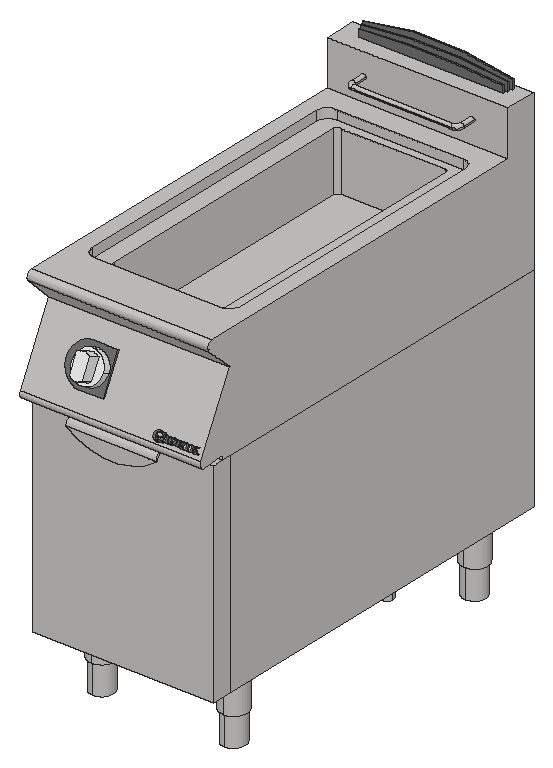
Revit family "QF_GIORIK_FG9421MP", category Specialty Equipment, Revit 2014
Parameters (values of type "FG9421MP")
  Weight in Pounds = 171.9604
  Watts = 200 W
  Volts = 230 V
  URL Cutsheet = "www.giorik.com"
  URL = "www.giorik.com"
  Status [instance] = ""
  Specification by User [instance] = ""
  Specification by Manufacturer = ""
  Show Logo [instance] = yes
  Show Clearance [instance] = yes
  Serial Number = ""
  Seismic Rating = ""
  SMACNA No = ""
  Revision Code [instance] = ""
  Phase = 1
  Number of Poles [instance] = 1
  NAFEM Spec ID Number = ""
  Model = "FG9421MP"
  Min Ckt Ampacity = 0 A
  Mechanical Remarks [instance] = "Natural Gas"
  Mechanical Connection Type [instance] = ""
  Max Overcurrent Protection = 0 A
  Masterspec = ""
  Manufacturer = "GIORIK"
  Item Number [instance] = ""
  Installed By [instance] = ""
  Identify Quantity as Lot [instance] = no
  HP = "0.268204000000"
  Gas Size = 1"
  Gas RI Height [instance] = 0 mm
  Gas KW = 20
  Gas Input = 20000 W
  Gas Connection Height [instance] = 150 mm
  Furnished By [instance] = ""
  Foodservice Equipment Identifier [instance] = yes
  FL Amps = 0 A
  Electrical Remarks [instance] = ""
  Electric Connection Type [instance] = ""
  Elec Conn RI Height [instance] = 0 mm
  Elec Conn Connection Height [instance] = 0 mm
  Description = "21 LITRE MELTING GAS FRYER."
  Cycle = 50 Hz
  Conn Plug = ""
  Conn Conduit [instance] = no
  CSI MasterFormat = ""
  Assembly Code = "E1090320"
  Apparent Power = 200 VA
Reference planes
  plane 1 "Back": y = 0
  plane 2: z = 0
  plane 3 "Left": x = 0
  plane 4 "Right": x = 400
  plane 5 "Front": y = -920
  plane 6 "Top": z = 900
Forms (mm)
  Extrusion 1, solid, visible <- "Show Logo"
    sketch origin (196.604, -936.761, 609.486) x (-1, 0, 0) y (0, 0.452718, 0.891654)
      loop
        line (-118.824, 58.358) -> (-127.804, 58.358) -> (-125.523, 56.445) -> (-125.523, 48.027) -> (-127.804, 46.113) -> (-118.824, 46.113) -> (-121.105, 48.027) -> (-121.105, 56.445) -> (-118.824, 58.358)
      loop
        line (-163.721, 58.358) -> (-172.7, 58.358) -> (-170.42, 56.445) -> (-170.42, 48.027) -> (-172.7, 46.113) -> (-163.721, 46.113) -> (-166.001, 48.027) -> (-166.001, 56.445) -> (-163.721, 58.358)
      loop
        line (-174.332, 58.358) -> (-183.312, 58.358) -> (-181.031, 56.445) -> (-181.031, 52.435) -> (-186.419, 56.955) -> (-184.416, 58.358) -> (-191.268, 58.358) -> (-188.01, 56.839) -> (-185.455, 54.283) -> (-190.846, 47.858) -> (-193.396, 46.93) -> (-193.396, 46.113) -> (-184.416, 46.113) -> (-185.437, 47.571) -> (-182.443, 51.552) -> (-181.031, 50.894) -> (-181.031, 48.027) -> (-183.312, 46.113) -> (-174.332, 46.113) -> (-176.613, 48.027) -> (-176.613, 56.445) -> (-174.332, 58.358)
      loop
        line (-115.429, 62.063) -> (-115.429, 54.198)
        arc (-115.429, 54.198) -> (-111.618, 57.803) -> (-106.847, 59.986) r 16.039
        arc (-106.847, 59.986) -> (-103.314, 59.837) -> (-100.512, 57.68) r 5.851
        arc (-100.512, 57.68) -> (-98.815, 52.267) -> (-100.512, 46.853) r 9.479
        arc (-100.512, 46.853) -> (-102.406, 44.986) -> (-104.846, 43.93) r 7.236
        arc (-104.846, 43.93) -> (-107.728, 44.111) -> (-110.052, 45.825) r 5.11
        line (-110.052, 45.825) -> (-110.052, 52.001) -> (-116.141, 52.001) -> (-116.141, 45.503) -> (-117.893, 43.751) -> (-114.094, 44.769)
        arc (-114.094, 44.769) -> (-112.56, 44.947) -> (-111.129, 44.366) r 3.115
        arc (-111.129, 44.366) -> (-104.216, 42.091) -> (-97.303, 44.366) r 11.641
        arc (-97.303, 44.366) -> (-93.396, 52.107) -> (-97.303, 59.849) r 9.622
        arc (-97.303, 59.849) -> (-104.369, 62.174) -> (-111.435, 59.849) r 11.898
        line (-111.435, 59.849) -> (-115.429, 62.063)
      loop
        arc (-129.234, 56.068) -> (-135.893, 58.628) -> (-142.552, 56.068) r 9.941
        arc (-142.552, 56.068) -> (-144.234, 52.286) -> (-142.552, 48.505) r 5.093
        arc (-142.552, 48.505) -> (-135.893, 45.945) -> (-129.234, 48.505) r 9.941
        arc (-129.234, 48.505) -> (-127.552, 52.286) -> (-129.234, 56.068) r 5.093
      loop
        arc (-132.628, 54.403) -> (-135.893, 57.668) -> (-139.158, 54.403) r 3.265
        line (-139.158, 54.403) -> (-139.158, 50.169)
        arc (-139.158, 50.169) -> (-135.893, 46.904) -> (-132.628, 50.169) r 3.265
        line (-132.628, 50.169) -> (-132.628, 54.403)
      loop
        arc (-156.363, 58.365) -> (-159.647, 55.081) -> (-156.363, 51.796) r 3.285
        line (-156.363, 51.796) -> (-159.529, 47.306) -> (-162.087, 46.113) -> (-155.847, 46.113) -> (-153.529, 51.083) -> (-150.637, 51.083) -> (-150.637, 47.784) -> (-153.022, 46.113) -> (-144.011, 46.113) -> (-146.094, 47.68) -> (-146.094, 56.493) -> (-144.229, 58.365) -> (-156.363, 58.365)
      loop
        line (-150.637, 57.512) -> (-153.637, 57.512)
        arc (-153.637, 57.512) -> (-156.237, 54.912) -> (-153.637, 52.312) r 2.6
        line (-153.637, 52.312) -> (-150.637, 52.312) -> (-150.637, 57.512)
      loop
        line (-108.924, 52.001) -> (-104.936, 49.005) -> (-100.948, 52.001) -> (-108.924, 52.001)
    from 1.5 to -0.5
  Extrusion 2, solid
    sketch origin (-16, 1025.81, 0) x (1, 0, 0) y (0, 1, 0)
      loop
        line (25, -1086.81) -> (25, -1156.81) -> (115, -1156.81) -> (115, -1086.81) -> (25, -1086.81)
    from 148 to 150
  Extrusion 3, solid
    sketch origin (-14, 0, 130) x (1, 0, 0) y (0, 1, 0)
      loop
        circle (54, -385) r 12.5
    from 0 to 20
  Extrusion 4, solid
    sketch origin (0, 800, -20) x (0, 1, 0) y (0, 0, 1)
      loop
        line (-800, 989.988) -> (-870, 989.988) -> (-870, 889.988) -> (-1688.806, 889.988)
        arc (-1688.806, 889.988) -> (-1699.151, 883.075) -> (-1696.724, 870.873) r 11.197
        line (-1696.724, 870.873) -> (-1640.876, 815.025) -> (-1718.948, 661.258)
        arc (-1718.948, 661.258) -> (-1718.233, 650.105) -> (-1708.118, 645.354) r 10.981
        line (-1708.118, 645.354) -> (-1660, 649.925) -> (-1660, 640) -> (-800, 640) -> (-800, 989.988)
    from 0 to 400
  Extrusion 5, solid
    sketch origin (0, -200, 599.536) x (1, 0, 0) y (0, 1, 0)
      loop
        line (0, -640) -> (40, -640) -> (40, 160) -> (360, 160) -> (360, -640) -> (400, -640) -> (400, 200) -> (0, 200) -> (0, -640)
    from -449.536 to 20.464
  Extrusion 6, solid
    sketch origin (0, -200, 0) x (1, 0, 0) y (0, 1, 0)
      loop
        line (40, 160) -> (40, -640) -> (360, -640) -> (360, 160) -> (40, 160)
    from 150 to 190
  Extrusion 7, solid
    sketch origin (-16, 360.81, 0) x (1, 0, 0) y (0, 1, 0)
      loop
        line (25, -1086.81) -> (25, -1156.81) -> (115, -1156.81) -> (115, -1086.81) -> (25, -1086.81)
    from 148 to 150
  Revolve 8, solid
    sketch origin (54, 360.81, 0) x (0, 1, 0) y (0, 0, 1)
      loop
        line (-1092.56, 66) -> (-1092.56, 148) -> (-1121.81, 148) -> (-1121.81, 0) -> (-1096.81, 0) -> (-1096.81, 66) -> (-1092.56, 66)
      axis (-1121.81, 0) -> (-1121.81, 148)
    angle from 0 to 360
  Revolve 9, solid
    sketch origin (54, 1025.81, 0) x (0, 1, 0) y (0, 0, 1)
      loop
        line (-1092.56, 66) -> (-1092.56, 148) -> (-1121.81, 148) -> (-1121.81, 0) -> (-1096.81, 0) -> (-1096.81, 66) -> (-1092.56, 66)
      axis (-1121.81, 0) -> (-1121.81, 148)
    angle from 0 to 360
  Extrusion 10, solid
    sketch origin (416, 360.81, 0) x (-1, 0, 0) y (0, -1, 0)
      loop
        line (25, 1086.81) -> (115, 1086.81) -> (115, 1156.81) -> (25, 1156.81) -> (25, 1086.81)
    from 148 to 150
  Revolve 11, solid
    sketch origin (346, 360.81, 0) x (0, 1, 0) y (0, 0, -1)
      loop
        line (-1092.56, -66) -> (-1096.81, -66) -> (-1096.81, 0) -> (-1121.81, 0) -> (-1121.81, -148) -> (-1092.56, -148) -> (-1092.56, -66)
      axis (-1121.81, 0) -> (-1121.81, -148)
    angle from 0 to 360
  Extrusion 12, solid
    sketch origin (416, -1217.81, 0) x (-1, 0, 0) y (0, -1, 0)
      loop
        line (25, -1086.81) -> (25, -1156.81) -> (115, -1156.81) -> (115, -1086.81) -> (25, -1086.81)
    from 148 to 150
  Revolve 13, solid
    sketch origin (346, -1217.81, 0) x (0, -1, 0) y (0, 0, 1)
      loop
        line (-1092.56, 66) -> (-1092.56, 148) -> (-1121.81, 148) -> (-1121.81, 0) -> (-1096.81, 0) -> (-1096.81, 66) -> (-1092.56, 66)
      axis (-1121.81, 0) -> (-1121.81, 148)
    angle from 0 to 360
  Extrusion 14, solid
    sketch origin (-293.221, -1163.345, 52.363) x (1, 0, 0) y (0, 0.452718, 0.891654)
      loop
        line (463.221, 676.25) -> (463.221, 766.25) -> (409.698, 766.25)
        arc (409.698, 766.25) -> (364.698, 721.25) -> (409.698, 676.25) r 45
        line (409.698, 676.25) -> (463.221, 676.25)
    from 48 to 50
  Extrusion 15, solid
    sketch origin (481.331, -1208.697, 74.959) x (-1, 0, 0) y (0, -0.45351, -0.891251)
      loop
        circle (351.331, -721.346) r 35
    from 0 to 15
  Extrusion 16, solid
    sketch origin (481.331, -1208.697, 74.959) x (-1, 0, 0) y (0, -0.45351, -0.891251)
      loop
        arc (336.331, -743.846) -> (351.331, -748.846) -> (366.331, -743.846) r 25
        line (366.331, -743.846) -> (366.331, -698.846)
        arc (366.331, -698.846) -> (351.331, -693.846) -> (336.331, -698.846) r 25
        line (336.331, -698.846) -> (336.331, -743.846)
    from 15 to 40
  Extrusion 17, solid
    sketch origin (-94, 0, 59.999) x (1, 0, 0) y (0, 0, 1)
      loop
        line (135, 909.989) -> (453, 909.989) -> (453, 925.527) -> (347.056, 931.749) -> (240.944, 931.749) -> (135, 925.527) -> (135, 909.989)
    from 32 to 35
  Extrusion 18, solid
    sketch origin (-92, 10, 59.999) x (1, 0, 0) y (0, 0, 1)
      loop
        line (454, 909.989) -> (454, 928.527) -> (346.162, 939.193) -> (237.838, 939.193) -> (130, 928.527) -> (130, 909.989) -> (454, 909.989)
    from 32 to 35
  Extrusion 19, solid
    sketch origin (-90, 20, 59.999) x (1, 0, 0) y (0, 0, 1)
      loop
        line (455, 909.989) -> (455, 930.527) -> (345.396, 947.413) -> (234.604, 947.413) -> (125, 930.527) -> (125, 909.989) -> (455, 909.989)
    from 32 to 35
  Extrusion 20, void
    sketch origin (0, -200, 819.988) x (0, 1, 0) y (-1, 0, 0)
      loop
        arc (80, -60) -> (72.678, -42.322) -> (55, -35) r 25
        line (55, -35) -> (-565.002, -35)
        arc (-565.002, -35) -> (-582.68, -42.322) -> (-590.002, -60) r 25
        line (-590.002, -60) -> (-590.002, -340)
        arc (-590.002, -340) -> (-582.68, -357.678) -> (-565.002, -365) r 25
        line (-565.002, -365) -> (55, -365)
        arc (55, -365) -> (72.678, -357.678) -> (80, -340) r 25
        line (80, -340) -> (80, -60)
    from -100 to 50
  Extrusion 21, solid
    sketch origin (0, -200, 900) x (0, 1, 0) y (-1, 0, 0)
      loop
        arc (80, -60) -> (72.678, -42.322) -> (55, -35) r 25
        line (55, -35) -> (-565.002, -35)
        arc (-565.002, -35) -> (-582.68, -42.322) -> (-590.002, -60) r 25
        line (-590.002, -60) -> (-590.002, -340)
        arc (-590.002, -340) -> (-582.68, -357.678) -> (-565.002, -365) r 25
        line (-565.002, -365) -> (55, -365)
        arc (55, -365) -> (72.678, -357.678) -> (80, -340) r 25
        line (80, -340) -> (80, -60)
      loop
        arc (60, -85.011) -> (57.071, -77.94) -> (50, -75.011) r 10
        line (50, -75.011) -> (-555.002, -75.011)
        arc (-555.002, -75.011) -> (-562.073, -77.94) -> (-565.002, -85.011) r 10
        line (-565.002, -85.011) -> (-565.002, -315)
        arc (-565.002, -315) -> (-562.073, -322.071) -> (-555.002, -325) r 10
        line (-555.002, -325) -> (50, -325)
        arc (50, -325) -> (57.071, -322.071) -> (60, -315) r 10
        line (60, -315) -> (60, -85.011)
    from -180.012 to -50
  Extrusion 22, solid
    sketch origin (0, -925, 0) x (1, 0, 0) y (0, 0, 1)
      loop
        line (0, 620) -> (0, 150) -> (400, 150) -> (400, 620) -> (0, 620)
    from -85 to -40
  Extrusion 23, solid
    sketch origin (0, -925, -20.1) x (0, 1, 0) y (0, 0, 1)
      loop
        arc (25, 640.1) -> (14.393, 635.707) -> (10, 625.1) r 15
        line (10, 625.1) -> (12, 625.1)
        arc (12, 625.1) -> (15.808, 634.292) -> (25, 638.1) r 13
        line (25, 638.1) -> (40, 638.1) -> (40, 640.1) -> (25, 640.1)
    from 97.5 to 297.5
  Extrusion 24, solid
    sketch origin (0, -924.905, -20.1) x (1, 0, 0) y (0, 0, 1)
      loop
        arc (97.5, 625.1) -> (197.5, 590.089) -> (297.5, 625.1) r 160.316
        line (297.5, 625.1) -> (97.5, 625.1)
    from -11.905 to -9.905
  Extrusion 25, solid, visible <- "Show Clearance", detail levels coarse
    sketch origin (395, -925, 0) x (-1, 0, 0) y (0, -1, 0)
      loop
        line (-5, -40) -> (395, -40)
        arc (395, -40) -> (277.534, 241.069) -> (-5, 354.968) r 395
        line (-5, 354.968) -> (-5, -40)
    from 150 to 620
  Extrusion 26, solid
    sketch origin (0, 0, 100) x (0, 1, 0) y (-1, 0, 0)
      loop
        circle (-380, -380) r 12.5
    from 30 to 50
  Sweep 27, solid
    path origin (0, 0, 919.988) x (0, 1, 0) y (-1, 0, 0)
      loop
        line (-70, -80) -> (-100, -80)
        arc (-100, -80) -> (-107.071, -82.929) -> (-110, -90) r 10
        line (-110, -90) -> (-110, -310)
        arc (-110, -310) -> (-107.071, -317.071) -> (-100, -320) r 10
        line (-100, -320) -> (-70, -320)
    profile origin (80, -85, 919.988) x (1, 0, 0) y (0, 0, 1)
      loop
        circle (0, 0) r 5
Cuts and joins
  Extrusion 20 cuts Extrusion 4
Lines and regions (mm)
  symbolic lines, style "200-EquipBorder-2D"
    curve 1: line (0, -920, 0) -> (400, -920, 0)
    curve 2: line (400, -920, 0) -> (400, 0, 0)
    curve 3: line (400, 0, 0) -> (0, 0, 0)
    curve 4: line (0, 0, 0) -> (0, -920, 0)
  symbolic lines, style "200-EquipInternal-2D"
    curve 5: line (35, -12, 900) -> (365, -12, 900)
    curve 6: line (365, -12, 900) -> (365, -15, 900)
    curve 7: line (365, -15, 900) -> (35, -15, 900)
    curve 8: line (35, -15, 900) -> (35, -12, 900)
    curve 9: line (38, -22, 900) -> (362, -22, 900)
    curve 10: line (362, -22, 900) -> (362, -25, 900)
    curve 11: line (362, -25, 900) -> (38, -25, 900)
    curve 12: line (38, -25, 900) -> (38, -22, 900)
    curve 13: line (41, -32, 900) -> (359, -32, 900)
    curve 14: line (359, -32, 900) -> (359, -35, 900)
    curve 15: line (359, -35, 900) -> (41, -35, 900)
    curve 16: line (41, -35, 900) -> (41, -32, 900)
    curve 17: line (340, -120, 900) -> (60, -120, 900)
    curve 18: arc (60, -120, 900) -> (42.322, -127.322, 900) -> (35, -145, 900) r 25
    curve 19: line (35, -145, 900) -> (35, -765, 900)
    curve 20: arc (365, -145, 900) -> (357.678, -127.322, 900) -> (340, -120, 900) r 25
    curve 21: arc (340, -790, 900) -> (356.212, -784.031, 900) -> (364.682, -768.975, 900) r 25
    curve 22: line (60, -790, 900) -> (340, -790, 900)
    curve 23: arc (35, -765, 900) -> (42.322, -782.678, 900) -> (60, -790, 900) r 25
    curve 24: line (365, -765.002, 900) -> (365, -145, 900)
    curve 27: line (85, -140, 900) -> (315, -140, 900)
    curve 28: line (325, -150, 900) -> (325, -755.002, 900)
    curve 29: line (75, -755.002, 900) -> (75, -150, 900)
    curve 30: line (315, -765.002, 900) -> (85, -765.002, 900)
    curve 31: arc (85, -140, 900) -> (77.929, -142.929, 900) -> (75, -150, 900) r 10
    curve 32: arc (315, -140, 900) -> (322.071, -142.929, 900) -> (325, -150, 900) r 10
    curve 33: arc (75, -755.002, 900) -> (77.929, -762.073, 900) -> (85, -765.002, 900) r 10
    curve 34: arc (315, -765.002, 900) -> (322.071, -762.073, 900) -> (325, -755.002, 900) r 10
    curve 35: line (80, -70, 900) -> (80, -99.667, 900)
    curve 36: line (90, -100, 900) -> (90, -70, 900)
    curve 37: line (94.989, -104.989, 900) -> (315.27, -104.989, 900)
    curve 38: line (320.032, -100.227, 900) -> (320.032, -70, 900)
    curve 39: line (330.032, -70, 900) -> (330.032, -100.301, 900)
    curve 40: line (315.333, -115, 900) -> (95.333, -115, 900)
    curve 41: arc (95.333, -115, 900) -> (84.491, -110.509, 900) -> (80, -99.667, 900) r 15.333
    curve 42: arc (90, -100, 900) -> (91.461, -103.528, 900) -> (94.989, -104.989, 900) r 4.989
    curve 43: arc (315.333, -115, 900) -> (325.727, -110.695, 900) -> (330.032, -100.301, 900) r 14.699
    curve 44: arc (320.032, -100.227, 900) -> (318.637, -103.594, 900) -> (315.27, -104.989, 900) r 4.762
    curve 45: line (0, -70, 900) -> (400, -70, 900)
  symbolic lines, style "QF_Door-Drawer Clearances", visible <- "Show Clearance", detail levels coarse
    curve 25: arc (400, -1279.968, 0) -> (130.204, -1178.101, 0) -> (1.554, -920, 0) r 395
    curve 26: line (400, -920, 0) -> (400, -1279.968, 0)
Dimensions and locks
  plane 3 "Left" to plane 4 "Right" = 400 mm
  plane 5 "Front" to plane 1 "Back" = 920 mm
  plane 4 "Right" to plane 3 "Left" = 400 mm
  plane 1 "Back" to plane 5 "Front" = 920 mm
  plane 6 "Top" to level = 900 mm  (x2)
  aligned and locked: level to plane 2
Connectors
  electrical at (380, -380, 130), driven by "Apparent Power", driven by "Volts", driven by "Number of Poles"
    settings: on Extrusion 26, index 1, voltage 230 V, apparent load 0 VA, apparent load phase1 200 VA, apparent load phase2 0 VA, apparent load phase3 0 VA, power factor 1, load classification "Other", number of poles 1, system type 31, power factor state 1, is connector primary yes, connector utility no, sub classification motor no, connector description "Electrical connection"
  piping at (40, -385, 130), diameter 25.4, driven by "Gas Size"
    settings: on Extrusion 3, index 2, connector inside diameter 24", connector length 0 mm, flow factor 0, pipe flow 0.0 L/s, pressure drop 0.0 Pa, fitting loss kfactor 0, connector angle 0.00°, fixture units 0, engagement length 0 mm, angle of deflection 0.00°, flow configuration 1, flow direction 1, fitting loss method 0, system type 22, joint type 0, gender type 0, connector reference index -1, connector utility 0, adjustable connector no, is connector primary yes, connector description "Gas inlet"
